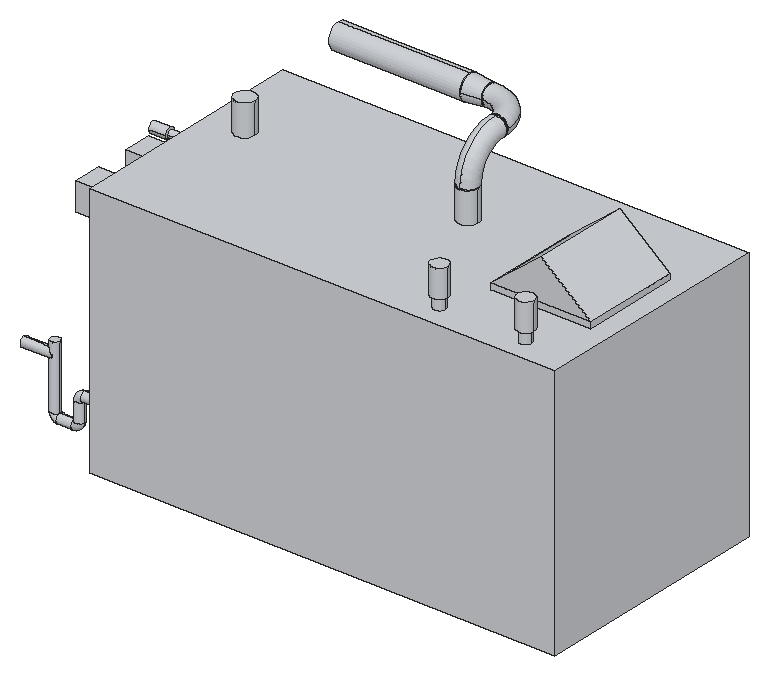
Revit family "AMP_BFIT 2000 Water Heater Dual Fuel", category Mechanical Equipment, Revit 2019
Family settings
  Round Connector Dimension = Use Diameter
  Part Type = Normal
  OmniClass Number = 23.75.00.00
  OmniClass Title = Climate Control (HVAC)
  Work Plane-Based = No
  Always vertical = Yes
  Cut with Voids When Loaded = No
  Shared = No
  Room Calculation Point = No
Parameters (values of type "AMP/BFIT 2000 Water Heater Dual Fuel")
  Width = 34 1/4"
  Length = 66 1/8"
  Height = 36 1/8"
  Voltage = ""
  Vent = "8\" EZ Vent"
  Manufacturer = "Bryan Steam"  # constant formula
  Hydronic Supply = "3\" Victaulic"
  Hydronic Return = "2-1/2\" Victaulic"
  Gas Train (Propane) = "1-1/4\" NPT"
  Gas Train (Natural Gas) = "1-1/4\" NPT"
  Condensate Trap = "1\" Pipe"
  Boiler Drain = "3/4\" NPT"
  Air Supply = "8\""
Reference planes
  plane 1 "Center (Front/Back)": y = 0
  plane 2: z = 0
  plane 3 "Center (Left/Right)": x = 0
  plane 4 "Vent": y = 95.25
  plane 5 "Condensate Trap": y = -304.8
  plane 6 "Supply 2.5" Victualic Elbow Style 10": x = 100.902
  plane 7 "3" Supply Manifold": z = 1158.875
  plane 8 "3" Supply Elbow Victaulic Style 10": y = 355.6
Forms (mm)
  Extrusion 1, solid
    sketch origin (0, 0, 0) x (1, 0, 0) y (0, 1, 0)
      loop
        line (-839.787, 434.975) -> (-839.787, -434.975) -> (839.788, -434.975) -> (839.788, 434.975) -> (-839.787, 434.975)
    from 0 to 917.575
  Extrusion 2, solid
    sketch origin (0, 0, 917.575) x (1, 0, 0) y (0, 1, 0)
      loop
        line (405.549, 174.625) -> (405.549, -180.975) -> (763.588, -180.975) -> (763.588, 174.625) -> (405.549, 174.625)
    from 0 to 21.63
  Extrusion 3, solid
    sketch origin (763.588, -180.975, 917.575) x (-1, 0, 0) y (0, 0, -1)
      loop
        line (358.038, -21.63) -> (0, -21.63) -> (179.019, -167.063) -> (358.038, -21.63)
    from 0 to -355.6
  Extrusion 4, solid
    sketch origin (0, 0, 917.575) x (1, 0, 0) y (0, 1, 0)
      loop
        circle (-703.262, 95.25) r 36.513
      loop
        circle (100.902, 95.25) r 36.513
    from 0 to 111.125
  Extrusion 5, solid
    sketch origin (-839.787, -434.975, 0) x (0, 1, 0) y (0, 0, -1)
      loop
        circle (714.375, -257.175) r 100.013
      loop
        circle (714.375, -257.175) r 94.456
    from 0 to 28.575
  Sweep 6, solid
    path origin (0, -304.8, 0) x (-1, 0, 0) y (0, 0, 1)
      loop
        line (839.787, 146.406) -> (960.793, 146.406)
        arc (960.793, 146.406) -> (973.15, 141.287) -> (978.268, 128.93) r 17.475
        line (978.268, 128.93) -> (978.268, 62.281)
        arc (978.268, 62.281) -> (983.387, 49.924) -> (995.743, 44.806) r 17.475
        line (995.743, 44.806) -> (1049.706, 44.806)
        arc (1049.706, 44.806) -> (1062.054, 49.92) -> (1067.168, 62.268) r 17.463
        line (1067.168, 62.268) -> (1067.168, 292.456)
    profile origin (-900.29, -304.8, 146.406) x (0, 0, 1) y (0, 1, 0)
      loop
        circle (0, 0) r 16.701
  Revolve 7, solid
    sketch origin (0, -304.8, 0) x (-1, 0, 0) y (0, 0, 1)
      loop
        line (1179.512, 247.65) -> (1179.512, 264.351) -> (1066.8, 264.351) -> (1066.8, 247.65) -> (1179.512, 247.65)
      axis (1066.8, 247.65) -> (1179.512, 247.65)
    angle from 0 to 360
  SweptBlend 8, solid
    path origin (0, 0, 1158.875) x (1, 0, 0) y (0, 1, 0)
      loop
        line (-29.273, 323.923) -> (-100.393, 323.923)
    profile origin (-29.273, 323.923, 1158.875) x (0, -1, 0) y (0, 0, 1)
      loop
        circle (-31.677, 0) r 36.314
    end profile origin (-100.393, 323.923, 1158.875) x (0, -1, 0) y (0, 0, 1)
      loop
        circle (-31.677, 0) r 44.45
  Extrusion 9, solid
    sketch origin (-100.393, 355.6, 1158.875) x (0, 0, -1) y (0, -1, 0)
      loop
        circle (0, -0.065) r 44.513
    from 0 to 472.678
  Extrusion 10, solid
    sketch origin (-839.787, -434.975, 0) x (0, 1, 0) y (0, 0, -1)
      loop
        line (345.313, -912.813) -> (345.313, -811.213) -> (243.713, -811.213) -> (243.713, -912.813) -> (345.313, -912.813)
      loop
        line (119.888, -912.8) -> (119.888, -811.2) -> (18.288, -811.2) -> (18.288, -912.8) -> (119.888, -912.8)
    from 0 to 63.004
  Revolve 11, solid
    sketch origin (0, 95.25, 0) x (-1, 0, 0) y (0, 0, 1)
      loop
        line (1055.688, 635) -> (1050.344, 736.968) -> (803.033, 724.007) -> (808.377, 622.039) -> (1055.688, 635)
      axis (808.377, 622.039) -> (1055.688, 635)
    angle from 0 to 360
  Extrusion 12, solid
    sketch origin (-839.787, -434.975, 0) x (0, 1, 0) y (0, 0, -1)
      loop
        circle (530.225, -815.975) r 13.335
    from 0 to 133.35
  Extrusion 13, solid
    sketch origin (0, 0, 917.575) x (1, 0, 0) y (0, 1, 0)
      loop
        circle (354.013, -349.25) r 21.082
      loop
        circle (665.163, -349.25) r 21.082
    from 0 to 41.275
  Extrusion 14, solid
    sketch origin (0, 0, 958.85) x (1, 0, 0) y (0, 1, 0)
      loop
        circle (354.013, -349.25) r 30.163
      loop
        circle (665.163, -349.25) r 30.163
    from 0 to 98.425
  Extrusion 15, solid
    sketch origin (-973.137, -434.975, 0) x (0, 1, 0) y (0, 0, -1)
      loop
        circle (530.225, -815.975) r 19.05
    from 0 to 60.325
  Sweep 16, solid
    path origin (100.902, 0, 0) x (0, 1, 0) y (0, 0, 1)
      loop
        line (95.25, 1028.7) -> (95.25, 1031.875)
        arc (95.25, 1031.875) -> (132.447, 1121.678) -> (222.25, 1158.875) r 127
        line (222.25, 1158.875) -> (225.425, 1158.875)
    profile origin (100.902, 132.447, 1121.678) x (0, -0.707107, 0.707107) y (1, 0, 0)
      loop
        circle (0, 0) r 36.513
  Sweep 17, solid
    path origin (0, 0, 1158.875) x (1, 0, 0) y (0, 1, 0)
      loop
        line (100.902, 225.425) -> (100.902, 228.6)
        arc (100.902, 228.6) -> (63.704, 318.403) -> (-26.098, 355.6) r 127
        line (-26.098, 355.6) -> (-29.273, 355.6)
    profile origin (100.902, 227.012, 1158.875) x (-1, 0, 0) y (0, 0, 1)
      loop
        circle (0, 0) r 36.513
Dimensions and locks
  "Height": Extrusion 1 to level
  equal spacing: Extrusion 1 sketch curve, plane 3 "Center (Left/Right)", Extrusion 1 sketch curve
  "Length": Extrusion 1 sketch curve to Extrusion 1 sketch curve
  equal spacing: Extrusion 1 sketch curve, plane 1 "Center (Front/Back)", Extrusion 1 sketch curve
  "Width": Extrusion 1 sketch curve to Extrusion 1 sketch curve
  locked: Extrusion 2 sketch curve to Extrusion 1 at 76.2
  locked: Extrusion 2 sketch curve to Extrusion 2 sketch curve at 358.038
  locked: Extrusion 2 sketch curve to Extrusion 2 sketch curve at 355.6
  locked: Extrusion 2 sketch curve to Extrusion 1 at 254
  locked: Extrusion 1 to Extrusion 4 sketch curve at 339.725  (x2)
  locked: Extrusion 1 to Extrusion 5 sketch curve at 257.175
  Extrusion 1 to Extrusion 5 sketch curve = 6 1/8"
  locked: level to plane 7 "3" Supply Manifold" at 1158.875
  locked: SweptBlend 8 sketch curve to SweptBlend 8 sketch curve at 71.12
  plane 3 "Center (Left/Right)" to plane 6 "Supply 2.5" Victualic Elbow Style 10" = 3.9725"
  locked: plane 8 "3" Supply Elbow Victaulic Style 10" to plane 1 "Center (Front/Back)" at 355.6
  locked: plane 4 "Vent" to plane 1 "Center (Front/Back)" at 95.25
  locked: plane 5 "Condensate Trap" to plane 1 "Center (Front/Back)" at 304.8
  locked: Sweep 6 sketch curve to Sweep 6 sketch curve at 88.9
  locked: Sweep 6 sketch curve to Sweep 6 sketch curve at 247.65
  Revolve 7 sketch curve to Revolve 7 sketch curve = 4 7/16"
  locked: Extrusion 10 sketch curve to Extrusion 10 sketch curve at 101.6  (x4)
  locked: Revolve 11 sketch curve to Revolve 11 sketch curve at 102.108
  Extrusion 1 to Extrusion 12 sketch curve = 13 3/8"
  Extrusion 1 to Extrusion 12 sketch curve = 32 1/8"
  locked: Extrusion 1 to Revolve 7 sketch curve at 227.012
  locked: Extrusion 1 to Revolve 7 sketch curve at 247.65  (x2)
  locked: Revolve 7 sketch curve to Revolve 7 sketch curve at 16.701
  locked: Extrusion 1 to Extrusion 4 sketch curve at 136.525
  Extrusion 1 to Extrusion 13 sketch curve = 3 3/8"
  locked: Extrusion 13 sketch curve to Extrusion 1 at 485.775
  locked: Extrusion 14 sketch curve to Extrusion 1 at 485.775
  locked: Extrusion 1 to Extrusion 14 sketch curve at 85.725  (x2)
  locked: Extrusion 1 to Extrusion 15 sketch curve at 101.6
  locked: Extrusion 1 to Extrusion 15 sketch curve at 339.725
  locked: Extrusion 1 to SweptBlend 8 sketch curve at 79.375  (x2)
  locked: SweptBlend 8 sketch curve to Extrusion 1 at 241.3  (x2)
  locked: Sweep 16 sketch curve to Extrusion 4 at 3.175
  locked: Sweep 16 sketch curve to Extrusion 1 at 212.725
  locked: Sweep 16 sketch curve to Sweep 16 sketch curve at 3.175
  locked: Sweep 17 sketch curve to Sweep 17 sketch curve at 3.175  (x2)
  locked: SweptBlend 8 to Sweep 17 sketch curve
  locked: Sweep 17 sketch curve to Sweep 16 at 0
  locked: Extrusion 1 to Extrusion 13 sketch curve at 85.725
  locked: Extrusion 13 sketch curve to Extrusion 1 at 174.625
  locked: Extrusion 14 sketch curve to Extrusion 1 at 174.625
  diameter of Extrusion 5 sketch curve = 7 7/16"
  diameter of Extrusion 5 sketch curve = 7 7/8"
  diameter of Extrusion 15 sketch curve = 1 1/2"
  diameter of Sweep 16 sketch curve = 10"
  diameter of Sweep 16 sketch curve = 2 7/8"
  diameter of Sweep 17 sketch curve = 10"
  diameter of Sweep 17 sketch curve = 2 7/8"
  diameter of Extrusion 13 sketch curve = 1.66"  (x2)
  diameter of Extrusion 14 sketch curve = 2 3/8"  (x2)
  aligned and locked: level to plane 2
Automatic sketch dimensions
  Extrusion 3 sketch curve to Extrusion 2 = 0"  (x3)
  Extrusion 3 sketch curve to Extrusion 2 = 7.048"
  Extrusion 3 sketch curve to Extrusion 2 = 5.72571"
  Extrusion 5 sketch curve to Extrusion 5 sketch curve = 0"  (x2)
  Sweep 6 sketch curve to plane 5 "Condensate Trap" = 0"
  profile plane to Sweep 6 sketch curve = 0"
  Sweep 6 sketch curve to Sweep 6 sketch curve = 0.688"  (x2)
  Sweep 6 sketch curve to Sweep 6 sketch curve = 11/16"
  Sweep 6 sketch curve to Sweep 6 sketch curve = 2.624"
  Sweep 6 sketch curve to Sweep 6 sketch curve = 4.764"
  plane 4 "Vent" to SweptBlend 8 sketch curve = 9.00286"
  Revolve 7 sketch curve to Revolve 7 sketch curve = 0.2025"
  Revolve 7 sketch curve to Revolve 7 sketch curve = 1.453"
  Revolve 11 sketch curve to Revolve 11 sketch curve = 5.78139"
  Revolve 11 sketch curve to Revolve 11 sketch curve = 4.32851"
  Revolve 11 sketch curve to Revolve 11 sketch curve = 0.21039"
  Revolve 11 sketch curve to Revolve 11 sketch curve = 0"  (x2)
  Extrusion 4 sketch curve to Extrusion 1 = 29.09"
  level to Sweep 6 sketch curve = 5.764"
  Sweep 6 sketch curve to plane 3 "Center (Left/Right)" = 37.8265"
  Extrusion 1 to Extrusion 10 sketch curve = 0.188"
  Extrusion 10 sketch curve to Extrusion 1 = 0.72"
  Extrusion 1 to Extrusion 10 sketch curve = 3/16"
  Extrusion 10 sketch curve to Extrusion 10 sketch curve = 4 7/8"
  Revolve 11 sketch curve to plane 3 "Center (Left/Right)" = 31.61547"
  Revolve 11 sketch curve to plane 7 "3" Supply Manifold" = 16.61051"
  Revolve 11 sketch curve to Revolve 11 sketch curve = 9.73664"
  SweptBlend 8 sketch curve to plane 3 "Center (Left/Right)" = 3.9525"
  Sweep 16 sketch curve to Sweep 16 sketch curve = 1/8"
  Sweep 16 sketch curve to plane 6 "Supply 2.5" Victualic Elbow Style 10" = 0"
  Sweep 16 sketch curve to profile plane = 0"
  Sweep 17 sketch curve to plane 7 "3" Supply Manifold" = 0"
  Sweep 17 sketch curve to profile plane = 0"
  radius of Sweep 6 sketch curve = 0.6575"
  radius of Extrusion 9 sketch curve = 1.75249"
  radius of SweptBlend 8 sketch curve = 1 55/128"
  radius of SweptBlend 8 sketch curve = 1 3/4"
  radius of Extrusion 4 sketch curve = 1 7/16"  (x2)
  radius of Extrusion 12 sketch curve = 0.525"
Connectors
  piping at (-703.262, 95.25, 1028.7), diameter 63.5
    settings: on Extrusion 4, index 2, connector inside diameter 24", connector length 0", flow factor 0, pipe flow 0 GPM, pressure drop 0.00 psi, fitting loss kfactor 0, connector angle 0.00°, fixture units 0, engagement length 0", angle of deflection 0.00°, flow configuration 0, flow direction 1, fitting loss method 0, system type 8, joint type 0, gender type 0, connector reference index -1, connector utility 0, adjustable connector no, is connector primary yes, connector description ""
  piping at (-868.362, 279.4, 257.175), diameter 203.2
    settings: on Extrusion 5, index 4, connector inside diameter 24", connector length 0", flow factor 0, pipe flow 0 GPM, pressure drop 0.00 psi, fitting loss kfactor 0, connector angle 0.00°, fixture units 0, engagement length 0", angle of deflection 0.00°, flow configuration 0, flow direction 1, fitting loss method 0, system type 22, joint type 0, gender type 0, connector reference index -1, connector utility 0, adjustable connector no, is connector primary no, connector description ""
  piping at (-1055.688, 95.25, 635), diameter 203.2
    settings: on Revolve 11, index 5, connector inside diameter 24", connector length 0", flow factor 0, pipe flow 0 GPM, pressure drop 0.00 psi, fitting loss kfactor 0, connector angle 0.00°, fixture units 0, engagement length 0", angle of deflection 0.00°, flow configuration 0, flow direction 2, fitting loss method 0, system type 17, joint type 0, gender type 0, connector reference index -1, connector utility 0, adjustable connector no, is connector primary no, connector description ""
  piping at (-1179.512, -304.8, 247.65), diameter 25.4
    settings: on Revolve 7, index 6, connector inside diameter 24", connector length 0", flow factor 0, pipe flow 0 GPM, pressure drop 0.00 psi, fitting loss kfactor 0, connector angle 0.00°, fixture units 0, engagement length 0", angle of deflection 0.00°, flow configuration 0, flow direction 2, fitting loss method 0, system type 22, joint type 0, gender type 0, connector reference index -1, connector utility 0, adjustable connector no, is connector primary no, connector description ""
  piping at (-573.072, 355.665, 1158.875), diameter 76.2
    settings: on Extrusion 9, index 8, connector inside diameter 24", connector length 0", flow factor 0, pipe flow 0 GPM, pressure drop 0.00 psi, fitting loss kfactor 0, connector angle 0.00°, fixture units 0, engagement length 0", angle of deflection 0.00°, flow configuration 0, flow direction 2, fitting loss method 0, system type 7, joint type 0, gender type 0, connector reference index -1, connector utility 0, adjustable connector no, is connector primary no, connector description ""
  piping at (354.013, -349.25, 1057.275), diameter 31.75
    settings: on Extrusion 14, index 10, connector inside diameter 24", connector length 0", flow factor 0, pipe flow 0 GPM, pressure drop 0.00 psi, fitting loss kfactor 0, connector angle 0.00°, fixture units 0, engagement length 0", angle of deflection 0.00°, flow configuration 0, flow direction 1, fitting loss method 0, system type 22, joint type 0, gender type 0, connector reference index -1, connector utility 0, adjustable connector no, is connector primary no, connector description ""
  piping at (-1033.462, 95.25, 815.975), diameter 19.05
    settings: on Extrusion 15, index 11, connector inside diameter 24", connector length 0", flow factor 0, pipe flow 0 GPM, pressure drop 0.00 psi, fitting loss kfactor 0, connector angle 0.00°, fixture units 0, engagement length 0", angle of deflection 0.00°, flow configuration 0, flow direction 2, fitting loss method 0, system type 22, joint type 0, gender type 0, connector reference index -1, connector utility 0, adjustable connector no, is connector primary no, connector description ""
  piping at (665.163, -349.25, 1057.275), diameter 31.75
    settings: on Extrusion 14, index 12, connector inside diameter 24", connector length 0", flow factor 0, pipe flow 0 GPM, pressure drop 0.00 psi, fitting loss kfactor 0, connector angle 0.00°, fixture units 0, engagement length 0", angle of deflection 0.00°, flow configuration 0, flow direction 1, fitting loss method 0, system type 22, joint type 0, gender type 0, connector reference index -1, connector utility 0, adjustable connector no, is connector primary no, connector description ""
